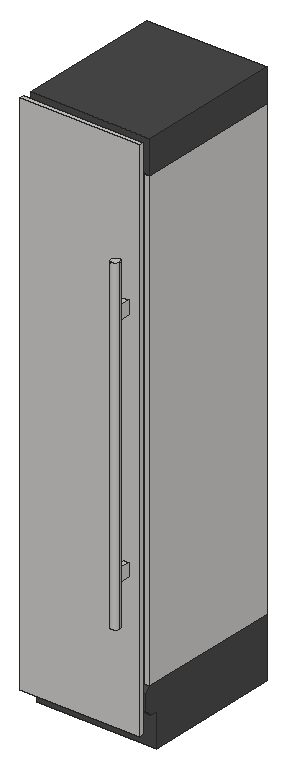
Revit family "66396a2fe640464ca5a1efe983a94491", category Specialty Equipment, Revit 2021
Family settings
  Round Connector Dimension = Use Diameter
  Part Type = Normal
  OmniClass Number = 23.40.40.14
  OmniClass Title = Food Service Equipment
  Work Plane-Based = No
  Always vertical = Yes
  Cut with Voids When Loaded = No
  Shared = No
  Room Calculation Point = No
Parameters (values of type "18" LH")
  Width = 1' - 6"
  Wall Offset = 0' - 4"
  Voltage = 120 V
  URL = ""
  Type Comments = ""
  Show Label = yes
  RH = no
  Power Consumption = 1000 VA
  Model = ""
  Mechanical Finish = Appliance - Steel - Black
  Manufacturer = ""
  Label = "Refrigerator"
  LH = not(RH)  # yes
  Keynote = ""
  Gasket = Appliance - Gasket
  Height = 7' - 0"
  Handle Centerline = if(RH, 0' 2", (Width - 0' 2"))  # 1' - 4"
  Description = "Refrigerator"
  Depth = 2' - 0"
  Default Elevation = 0' - 0"
  Cost = 0
  Assembly Code = "E1090320"
  Appliance Finish = Appliance - Stainless Steel
  Amperage = Power Consumption / Voltage  # 8.33333 A
Reference planes (in)
  plane 1 "Back": y = 0
  plane 2: z = 0
  plane 3 "Center (Left/Right)": x = 0
  plane 4 "Left": x = -9
  plane 5 "Right": x = 9
  plane 6: y = -4
  plane 7 "Front": y = -28
  plane 8 "Door Back": y = -26
  plane 9 "Top": z = 84
  plane 10 "B.O. Door": z = 4
  plane 11: z = 79
  plane 12: x = 7
  plane 13: z = 68.5
  plane 14: z = 19
  plane 15 "Door Interior Bottom": z = 10
Forms (in)
  Extrusion 1, solid, material "Appliance - Stainless Steel" <- "Appliance Finish"
    sketch origin (0, 0, 0) x (1, 0, 0) y (0, 1, 0)
      loop
        line (-9, -4) -> (-9, -26) -> (9, -26) -> (9, -4) -> (-9, -4)
    from 10 to 79
  Extrusion 2, solid, material "Appliance - Stainless Steel" <- "Appliance Finish", detail levels fine
    sketch origin (0, -28, 0) x (-1, 0, 0) y (0, 0, 1)
      loop
        line (-6.625, 62.5) -> (-7.375, 62.5) -> (-7.375, 60.5) -> (-6.625, 60.5) -> (-6.625, 62.5)
      loop
        line (-6.625, 27) -> (-7.375, 27) -> (-7.375, 25) -> (-6.625, 25) -> (-6.625, 27)
    from -1.67554 to 0
  Extrusion 3, solid, material "Appliance - Stainless Steel" <- "Appliance Finish", detail levels fine
    sketch origin (0, 0, 0) x (1, 0, 0) y (0, 1, 0)
      loop
        circle (7, -30.01473) r 0.625
    from 19 to 68.5
  Extrusion 4, solid, material "Appliance - Stainless Steel" <- "Appliance Finish"
    sketch origin (0, -28, 0) x (-1, 0, 0) y (0, 0, 1)
      loop
        line (9, 84) -> (-9, 84) -> (-9, 4) -> (9, 4) -> (9, 84)
    from 0 to 0.75
  Extrusion 5, solid, material "Appliance - Steel - Black" <- "Mechanical Finish"
    sketch origin (0, 0, 0) x (0, 1, 0) y (0, 0, 1)
      loop
        line (-4, 10) -> (-26, 10) -> (-26.75, 9.25) -> (-26.75, 6.875) -> (-25.875, 6) -> (-24.75, 6) -> (-24.75, 1) -> (-4, 1) -> (-4, 10)
      loop
        line (-4, 84) -> (-26, 84) -> (-26, 79) -> (-4, 79) -> (-4, 84)
    from -9 to 9
  Extrusion 6, solid, material "Appliance - Gasket" <- "Gasket"
    sketch origin (0, 0, 10) x (-1, 0, 0) y (0, -1, 0)
      loop
        line (8.5, 27.25) -> (-8.5, 27.25) -> (-8.5, 27.0625)
        arc (-8.5, 27.0625) -> (-8.48169, 27.01831) -> (-8.4375, 27) r 0.0625
        line (-8.4375, 27) -> (-8.3125, 27)
        arc (-8.3125, 27) -> (-8.26831, 26.98169) -> (-8.25, 26.9375) r 0.0625
        line (-8.25, 26.9375) -> (-8.25, 26.3125)
        arc (-8.25, 26.3125) -> (-8.23169, 26.26831) -> (-8.1875, 26.25) r 0.0625
        line (-8.1875, 26.25) -> (-8, 26.25)
        arc (-8, 26.25) -> (-8.125, 26.125) -> (-8, 26) r 0.125
        line (-8, 26) -> (8, 26)
        arc (8, 26) -> (8.125, 26.125) -> (8, 26.25) r 0.125
        line (8, 26.25) -> (8.1875, 26.25)
        arc (8.1875, 26.25) -> (8.23169, 26.26831) -> (8.25, 26.3125) r 0.0625
        line (8.25, 26.3125) -> (8.25, 26.9375)
        arc (8.25, 26.9375) -> (8.26831, 26.98169) -> (8.3125, 27) r 0.0625
        line (8.3125, 27) -> (8.4375, 27)
        arc (8.4375, 27) -> (8.48169, 27.01831) -> (8.5, 27.0625) r 0.0625
        line (8.5, 27.0625) -> (8.5, 27.25)
    from 0 to 69
Cuts and joins
  joined: Extrusion 2, Extrusion 3
Lines and regions (in)
  Split face 1
    outline origin (-9, -4, 0) x (1, 0, 0) y (0, 0, -1)
      loop
        circle (9, -19) r 0.5
  Masking region 1
    outline origin (0, 0, 0) x (1, 0, 0) y (0, 1, 0)
      loop
        line (-9, -4) -> (-9, -28) -> (9, -28) -> (9, -4) -> (-9, -4)
  Masking region 2, detail levels fine
    outline origin (0, 0, 0) x (1, 0, 0) y (0, 1, 0)
      loop
        line (7.375, -29.51473) -> (7.375, -28) -> (6.625, -28) -> (6.625, -29.51473)
        arc (6.625, -29.51473) -> (6.44098, -29.73522) -> (6.375, -30.01473) r 0.625
        arc (6.375, -30.01473) -> (7, -30.63973) -> (7.625, -30.01473) r 0.625
        arc (7.625, -30.01473) -> (7.55902, -29.73522) -> (7.375, -29.51473) r 0.625
  Split face 2
    outline origin (-9, -4, 0) x (1, 0, 0) y (0, 0, -1)
      loop
        circle (9, -68.5) r 0.5
  symbolic lines, style "Appliances - Plan Swing", visible <- "LH", detail levels medium+fine
    curve 1: arc (9, -28, 0) -> (3.72792, -40.72792, 0) -> (-9, -46, 0) r 18
    curve 2: line (-9, -28, 0) -> (-9, -46, 0)
  symbolic lines, style "Appliances - Plan Swing", visible <- "RH", detail levels medium+fine
    curve 3: arc (-9, -28, 0) -> (-3.72792, -40.72792, 0) -> (9, -46, 0) r 18
    curve 4: line (9, -46, 0) -> (9, -28, 0)
  symbolic lines, style "Appliances"
    curve 5: line (-9, -4, 0) -> (9, -4, 0)
    curve 6: line (-9, -28, 0) -> (-9, -4, 0)
    curve 7: line (9, -28, 0) -> (-9, -28, 0)
    curve 8: line (9, -4, 0) -> (9, -28, 0)
    curve 9: line (-9, -26, 0) -> (9, -26, 0)
  symbolic lines, style "Appliances", detail levels fine
    curve 10: arc (7.625, -30.01473, 0) -> (7, -29.38973, 0) -> (6.375, -30.01473, 0) r 0.625
    curve 11: arc (6.375, -30.01473, 0) -> (7, -30.63973, 0) -> (7.625, -30.01473, 0) r 0.625
    curve 12: line (7.375, -29.51473, 0) -> (7.375, -28, 0)
    curve 13: line (6.625, -28, 0) -> (6.625, -29.51473, 0)
Dimensions and locks (in)
  equal spacing: plane 4 "Left", plane 3 "Center (Left/Right)", plane 5 "Right"
  "Width": plane 4 "Left" to plane 5 "Right"
  "Depth": plane 6 to plane 7 "Front"
  "Wall Offset": plane 1 "Back" to plane 6
  "Height": plane 9 "Top" to level
  plane 10 "B.O. Door" to level = 0' - 4"
  locked: plane 8 "Door Back" to plane 7 "Front" at 2
  plane 9 "Top" to plane 11 = 0' - 5"
  locked: plane 11 to plane 13 at 10.5
  locked: plane 14 to plane 10 "B.O. Door" at 15
  Extrusion 2 sketch curve to plane 12 to Extrusion 2 sketch curve = 0' - 0 3/8" locked, 0' - 0 3/8" locked  (x2)
  plane 13 to Extrusion 2 sketch curve to Extrusion 2 sketch curve = 0' - 6" locked, 0' - 2" locked
  Extrusion 2 sketch curve to Extrusion 2 sketch curve to plane 14 = 0' - 2" locked, 0' - 6" locked
  locked: plane 7 "Front" to Extrusion 3 sketch curve at 2.01473
  "Handle Centerline": plane 4 "Left" to plane 12
  equal spacing: plane 6, nested 1, plane 8 "Door Back"
  locked: plane 15 "Door Interior Bottom" to level at 10
  Extrusion 5 sketch curve to plane 10 "B.O. Door" to Extrusion 5 sketch curve = 0' - 2" locked, 0' - 3" locked
  Extrusion 5 sketch curve to plane 8 "Door Back" to Extrusion 5 sketch curve = 0' - 1 1/4" locked, 0' - 0 3/4" locked
  "Width": radius of curve 3
  "Width": radius of curve 1
  aligned and locked: plane 2 to level
  aligned and locked: Extrusion 1 sketch curve to plane 6
  aligned and locked: plane 4 "Left" to Extrusion 1 sketch curve
  aligned and locked: plane 8 "Door Back" to Extrusion 1 sketch curve
  aligned and locked: Extrusion 1 sketch curve to plane 5 "Right"
  aligned and locked: plane 7 "Front" to Extrusion 2
  aligned and locked: plane 12 to Extrusion 3 sketch curve
  aligned and locked: Extrusion 3 to plane 14
  aligned and locked: plane 13 to Extrusion 3
  aligned and locked: plane 3 "Center (Left/Right)" to Split face 1 sketch curve
  aligned and locked: plane 13 to cut or joined group of Extrusion 2, Extrusion 3
  aligned and locked: plane 4 "Left" to Extrusion 4 sketch curve
  aligned and locked: Extrusion 4 sketch curve to plane 5 "Right"
  aligned and locked: plane 10 "B.O. Door" to Extrusion 4 sketch curve
  aligned and locked: plane 3 "Center (Left/Right)" to nested 1
  aligned and locked: Masking region 1 sketch curve to plane 5 "Right"
  aligned and locked: Masking region 1 sketch curve to plane 6
  aligned and locked: plane 4 "Left" to Masking region 1 sketch curve
  aligned and locked: plane 7 "Front" to Masking region 1 sketch curve
  aligned and locked: Masking region 2 sketch curve to cut or joined group of Extrusion 2, Extrusion 3  (x5)
  aligned and locked: Masking region 2 sketch curve to plane 7 "Front"
  aligned and locked: Extrusion 4 sketch curve to plane 9 "Top"
  aligned and locked: plane 14 to Split face 1 sketch curve
  aligned and locked: Extrusion 1 to plane 15 "Door Interior Bottom"
  aligned and locked: plane 6 to Extrusion 5 sketch curve  (x2)
  aligned and locked: plane 15 "Door Interior Bottom" to Extrusion 5 sketch curve
  aligned and locked: plane 5 "Right" to Extrusion 5
  aligned and locked: Extrusion 5 to plane 4 "Left"
  aligned and locked: plane 11 to Extrusion 1
  aligned and locked: plane 9 "Top" to Extrusion 5 sketch curve
  aligned and locked: Extrusion 5 sketch curve to Extrusion 1  (x2)
  aligned and locked: plane 11 to Extrusion 6
Automatic sketch dimensions
  Extrusion 5 sketch curve to plane 8 "Door Back" = 0' - 0"
  plane 8 "Door Back" to Extrusion 5 sketch curve = 0' - 0 1/8"
  Extrusion 5 sketch curve to Extrusion 5 sketch curve = 0' - 0 7/8"
  Extrusion 5 sketch curve to plane 15 "Door Interior Bottom" = 0' - 0 3/4"
  Extrusion 6 sketch curve to plane 8 "Door Back" = 0' - 0"
  Extrusion 6 sketch curve to plane 5 "Right" = 0' - 0 1/2"
  Extrusion 6 sketch curve to Extrusion 6 sketch curve = 0' - 0 1/16"  (x6)
  Extrusion 6 sketch curve to Extrusion 6 sketch curve = 0' - 0 1/8"  (x2)
  Extrusion 6 sketch curve to plane 8 "Door Back" = 0' - 0 5/16"
  Extrusion 6 sketch curve to Extrusion 6 sketch curve = 0' - 0 3/16"  (x3)
  Extrusion 6 sketch curve to plane 8 "Door Back" = 0' - 0 1/8"
  plane 4 "Left" to Extrusion 6 sketch curve = 0' - 1"
  Extrusion 6 sketch curve to Extrusion 6 sketch curve = 0' - 0 5/8"  (x2)
  Split face 2 sketch curve to Extrusion 1 = 0' - 9"
  Split face 2 sketch curve to Extrusion 1 = 0' - 10 1/2"
  curve 1 to plane 4 "Left" = 0' - 0"
  curve 13 to plane 7 "Front" = 0' - 0"
  curve 11 to plane 12 = 0' - 0"
  curve 9 to plane 8 "Door Back" = 0' - 0"
  curve 5 to plane 6 = 0' - 0"
  curve 11 to plane 7 "Front" = 0' - 2.01473"
  curve 11 to curve 10 = 0' - 0 5/8"
  curve 13 to plane 12 = 0' - 0 3/8"
  plane 12 to curve 12 = 0' - 0 3/8"
  radius of Extrusion 3 sketch curve = 0' - 0 5/8"
  radius of Split face 1 sketch curve = 0' - 0 1/2"
  radius of Split face 2 sketch curve = 0' - 0 1/2"
Nested families (in)
  nested 1: "Label Annotation 3-32" at (0, -15, 0), visible <- "Show Label", type "Label Annotation 3-32"
Connectors (in)
  piping at (0, -4, 19), diameter 0.25
    settings: on Extrusion 1, index 2, connector inside diameter 24", connector length 0' - 0", flow factor 0, pipe flow 0 GPM, pressure drop 0.00 psi, fitting loss kfactor 0, connector angle 0.00°, fixture units 1, engagement length 0' - 0", angle of deflection 0.00°, flow configuration 3, flow direction 1, fitting loss method 0, system type 20, joint type 0, gender type 0, connector reference index -1, connector utility 0, adjustable connector no, is connector primary yes, connector description "Ice - Water Supply"
  electrical at (0, -4, 68.5), driven by "Voltage", driven by "Power Consumption"
    settings: on Extrusion 1, index 3, voltage 120 V, apparent load 1000 VA, apparent load phase1 0 VA, apparent load phase2 0 VA, apparent load phase3 0 VA, power factor 1, load classification "Appliance", number of poles 1, system type 30, power factor state 1, is connector primary yes, connector utility no, sub classification motor no, connector description "Refrigerator Power"
Definition of nested family "Label Annotation 3-32"
  Parameters
    Label = "Freezer 36 LH"
  Reference planes (in)
    plane 1: y = 0
    plane 2: x = 0
  Text (in)
    label "Label" at (0.00375, -0.00345, 0), shows "Label"
